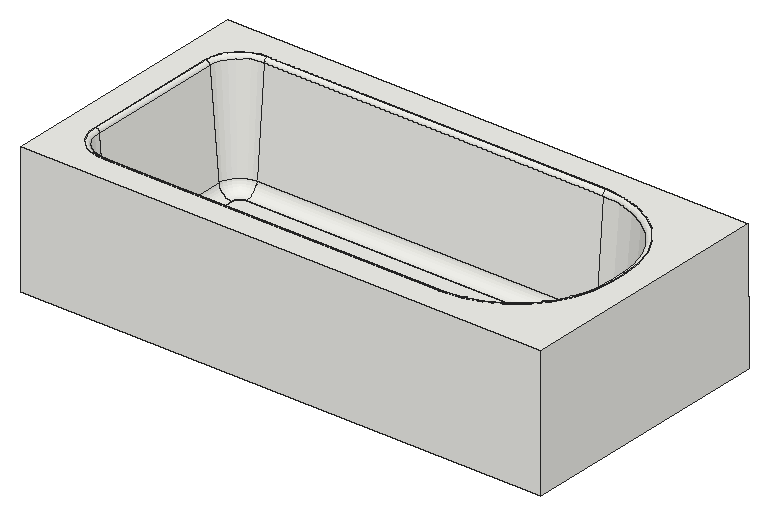
Revit family "PKNail Bathtub", category Plumbing Fixtures, host Wall, Revit 2017
Family settings
  Host = Wall
  Round Connector Dimension = Use Diameter
  Part Type = Normal
  OmniClass Number = 23.45.05.14.21.11
  OmniClass Title = Bath/Shower Units
  Always vertical = Yes
  Cut with Voids When Loaded = No
  Shared = No
  Room Calculation Point = No
Parameters (values of type "1525 x 380 x 760mm")
  PKNail Family Fixed Dimensions = "SillHeight"
  Assembly Code = "D2010500"
  Depth = 760.00 mm
  Height = 380.00 mm
  Tub Material = Porcelain - Ivory
  Width = 1525.00 mm
Reference planes
  plane 1: y = 0
  plane 2: y = 76.2
  plane 3: y = 836.2
  plane 4: x = -1110.603
  plane 5: x = 414.397
  plane 6 "Center (Front/Back)": y = 456.2
  plane 7 "Center (Left/Right)": x = -348.103
  plane 8: z = 380
  plane 9: z = 360.95
Forms (mm)
  Sweep 1, solid, material "Porcelain - Ivory" <- "Tub Material"
    path origin (0, 0, 380) x (0, 1, 0) y (-1, 0, 0)
      loop
        line (760, -59.797) -> (760, 932.803)
        arc (760, 932.803) -> (730.242, 1004.645) -> (658.4, 1034.403) r 101.6
        line (658.4, 1034.403) -> (254, 1034.403)
        arc (254, 1034.403) -> (182.158, 1004.645) -> (152.4, 932.803) r 101.6
        line (152.4, 932.803) -> (152.4, -59.797)
        arc (152.4, -59.797) -> (233.941, -256.656) -> (430.8, -338.197) r 278.4
        line (430.8, -338.197) -> (481.6, -338.197)
        arc (481.6, -338.197) -> (678.459, -256.656) -> (760, -59.797) r 278.4
    profile origin (-436.503, 0, 381) x (0, -1, 0) y (0, 0, 1)
      loop
        line (-760, -1) -> (-760, -365.136) -> (-683.396, -365.136) -> (-683.396, -346.086)
        arc (-683.396, -346.086) -> (-709.136, -336.077) -> (-721.351, -311.307) r 38.1
        line (-721.351, -311.307) -> (-747.522, -12.177)
        arc (-747.522, -12.177) -> (-751.624, -4.203) -> (-760, -1) r 12.554
  Extrusion 2, solid, material "Porcelain - Ivory" <- "Tub Material"
    sketch origin (59.797, 430.8, 15.864) x (0, -1, 0) y (1, 0, 0)
      loop
        arc (-252.596, -992.6) -> (-245.275, -1010.275) -> (-227.6, -1017.596) r 24.996
        line (-227.6, -1017.596) -> (176.8, -1017.596)
        arc (176.8, -1017.596) -> (194.475, -1010.275) -> (201.796, -992.6) r 24.996
        line (201.796, -992.6) -> (201.796, 0)
        arc (201.796, 0) -> (142.692, 142.692) -> (0, 201.796) r 201.796
        line (0, 201.796) -> (-50.8, 201.796)
        arc (-50.8, 201.796) -> (-193.492, 142.692) -> (-252.596, 0) r 201.796
        line (-252.596, 0) -> (-252.596, -992.6)
      loop
        circle (-25.4, -968.307) r 22.225
    from 0 to 19.05
  Extrusion 3, solid, material "Porcelain - Ivory" <- "Tub Material"
    sketch origin (0, 0, 0) x (1, 0, 0) y (0, 1, 0)
      loop
        line (-1110.603, 836.2) -> (-1110.603, 76.2) -> (414.397, 76.2) -> (414.397, 836.2) -> (-1110.603, 836.2)
      loop
        line (-1091.553, 817.15) -> (-1091.553, 95.25) -> (395.347, 95.25) -> (395.347, 817.15) -> (-1091.553, 817.15)
    from 0 to 360.95
  Extrusion 4, solid, material "Porcelain - Ivory" <- "Tub Material"
    sketch origin (0, 0, 380) x (0, 1, 0) y (-1, 0, 0)
      loop
        line (836.2, 1110.603) -> (76.2, 1110.603) -> (76.2, -414.397) -> (836.2, -414.397) -> (836.2, 1110.603)
      loop
        line (760, -59.797) -> (760, 932.803)
        arc (760, 932.803) -> (730.242, 1004.645) -> (658.4, 1034.403) r 101.6
        line (658.4, 1034.403) -> (254, 1034.403)
        arc (254, 1034.403) -> (182.158, 1004.645) -> (152.4, 932.803) r 101.6
        line (152.4, 932.803) -> (152.4, -59.797)
        arc (152.4, -59.797) -> (233.941, -256.656) -> (430.8, -338.197) r 278.4
        line (430.8, -338.197) -> (481.6, -338.197)
        arc (481.6, -338.197) -> (678.459, -256.656) -> (760, -59.797) r 278.4
    from 0 to -19.05
Cuts and joins
  joined: Extrusion 3, Extrusion 4
Lines and regions (mm)
  Masking region 1
    outline origin (0, 0, 0) x (1, 0, 0) y (0, 1, 0)
      loop
        line (-1110.603, 836.2) -> (-1110.603, 76.2) -> (414.397, 76.2) -> (414.397, 836.2) -> (-1110.603, 836.2)
  symbolic lines
    curve 1: line (-932.803, 152.4, 0) -> (58.797, 152.4, 0)
    curve 2: line (-1034.403, 658.4, 0) -> (-1034.403, 254, 0)
    curve 3: line (58.797, 760, 0) -> (-932.803, 760, 0)
    curve 4: line (337.197, 430.8, 0) -> (337.197, 481.6, 0)
    curve 5: arc (-932.803, 760, 0) -> (-1004.645, 730.242, 0) -> (-1034.403, 658.4, 0) r 101.6
    curve 6: arc (-1034.403, 254, 0) -> (-1004.645, 182.158, 0) -> (-932.803, 152.4, 0) r 101.6
    curve 7: arc (58.797, 760, 0) -> (255.656, 678.459, 0) -> (337.197, 481.6, 0) r 278.4
    curve 8: arc (337.197, 430.8, 0) -> (255.656, 233.941, 0) -> (58.797, 152.4, 0) r 278.4
    curve 9: arc (-908.51, 478.425, 0) -> (-886.285, 456.2, 0) -> (-908.51, 433.975, 0) r 22.225
    curve 10: arc (-908.51, 433.975, 0) -> (-930.735, 456.2, 0) -> (-908.51, 478.425, 0) r 22.225
Text (mm)
  text "Interior" at (0, 975.983, 732.49), in view "Right"
  text "Interior" at (0, 649.11, 765.354), in view "Left"
Dimensions and locks
  equal spacing: plane 4, plane 7 "Center (Left/Right)", plane 5
  "Width": plane 4 to plane 5
  equal spacing: plane 2, plane 6 "Center (Front/Back)", plane 3
  "Depth": plane 2 to plane 3
  "Height": host wall to plane 8
  locked: plane 9 to plane 8 at 19.05
  aligned and locked: plane 2 to host wall
  aligned and locked: Sweep 1 sketch curve to Extrusion 4  (x2)
  aligned and locked: Extrusion 2 sketch curve to Sweep 1  (x2)
  aligned and locked: Sweep 1 to Extrusion 4
  aligned and locked: Extrusion 3 to plane 9
  aligned and locked: Masking region 1 sketch curve to plane 5
  aligned and locked: plane 3 to Masking region 1 sketch curve
  aligned and locked: plane 4 to Masking region 1 sketch curve
  aligned and locked: Masking region 1 sketch curve to plane 2
Automatic sketch dimensions
  Sweep 1 sketch curve to plane 8 = 0.00 mm
  Sweep 1 sketch curve to profile plane = 0.00 mm
  plane 8 to Sweep 1 sketch curve = 11.177 mm
  Sweep 1 sketch curve to profile plane = 12.478 mm
  Sweep 1 sketch curve to profile plane = 38.649 mm
  Sweep 1 sketch curve to Sweep 1 sketch curve = 37.955 mm
  Sweep 1 sketch curve to Sweep 1 sketch curve = 295.81 mm
  Sweep 1 sketch curve to Sweep 1 sketch curve = 3.321 mm
  Sweep 1 sketch curve to Sweep 1 sketch curve = 19.05 mm
  Extrusion 3 sketch curve to plane 3 = 0.00 mm
  Extrusion 3 sketch curve to plane 4 = 0.00 mm
  Extrusion 3 sketch curve to plane 2 = 0.00 mm
  Extrusion 3 sketch curve to plane 5 = 0.00 mm
  plane 4 to Extrusion 3 sketch curve = 19.05 mm
  Extrusion 3 sketch curve to Extrusion 3 sketch curve = 19.05 mm
  Extrusion 3 sketch curve to plane 2 = 19.05 mm
  plane 3 to Extrusion 3 sketch curve = 19.05 mm
  Extrusion 4 sketch curve to plane 2 = 0.00 mm
  Extrusion 4 sketch curve to plane 3 = 0.00 mm
  Extrusion 4 sketch curve to plane 2 = 76.20 mm
  plane 4 to Extrusion 4 sketch curve = 76.20 mm
  Extrusion 4 sketch curve to Extrusion 4 sketch curve = 101.60 mm
  plane 6 "Center (Front/Back)" to Extrusion 4 sketch curve = 25.40 mm
  Extrusion 4 sketch curve to plane 6 "Center (Front/Back)" = 25.40 mm
  Extrusion 4 sketch curve to Extrusion 4 sketch curve = 177.80 mm
  plane 3 to Extrusion 4 sketch curve = 76.20 mm
  Extrusion 4 sketch curve to plane 5 = 0.00 mm
  Extrusion 4 sketch curve to plane 4 = 0.00 mm
  Extrusion 4 sketch curve to plane 5 = 76.20 mm
  Sweep 1 sketch curve to Sweep 1 sketch curve = 101.60 mm
  plane 6 "Center (Front/Back)" to Sweep 1 sketch curve = 25.40 mm
  Sweep 1 sketch curve to plane 6 "Center (Front/Back)" = 25.40 mm
  plane 3 to Sweep 1 sketch curve = 177.80 mm
  plane 3 to Sweep 1 sketch curve = 76.20 mm
  plane 4 to Sweep 1 sketch curve = 177.80 mm
  Extrusion 2 sketch curve to plane 6 "Center (Front/Back)" = 0.00 mm
  Extrusion 2 sketch curve to Extrusion 2 sketch curve = 22.225 mm
  Extrusion 2 sketch curve to plane 6 "Center (Front/Back)" = 25.40 mm
  plane 3 to Extrusion 2 sketch curve = 177.80 mm
  plane 3 to Extrusion 2 sketch curve = 152.804 mm
  plane 6 "Center (Front/Back)" to Extrusion 2 sketch curve = 25.40 mm
  Extrusion 2 sketch curve to Extrusion 2 sketch curve = 24.996 mm
  plane 4 to Extrusion 2 sketch curve = 202.093 mm
  plane 4 to Extrusion 2 sketch curve = 177.80 mm
  curve 10 to plane 6 "Center (Front/Back)" = 0.00 mm
  plane 4 to curve 2 = 76.20 mm
  host wall to curve 1 = 76.20 mm
  curve 2 to curve 1 = 101.60 mm
  plane 3 to curve 5 = 76.20 mm
  curve 5 to curve 5 = 101.60 mm
  plane 6 "Center (Front/Back)" to curve 10 = 22.225 mm
  curve 6 to curve 10 = 24.293 mm
  curve 3 to plane 5 = 355.60 mm
  curve 1 to curve 7 = 0.00 mm
  plane 6 "Center (Front/Back)" to curve 8 = 25.40 mm
